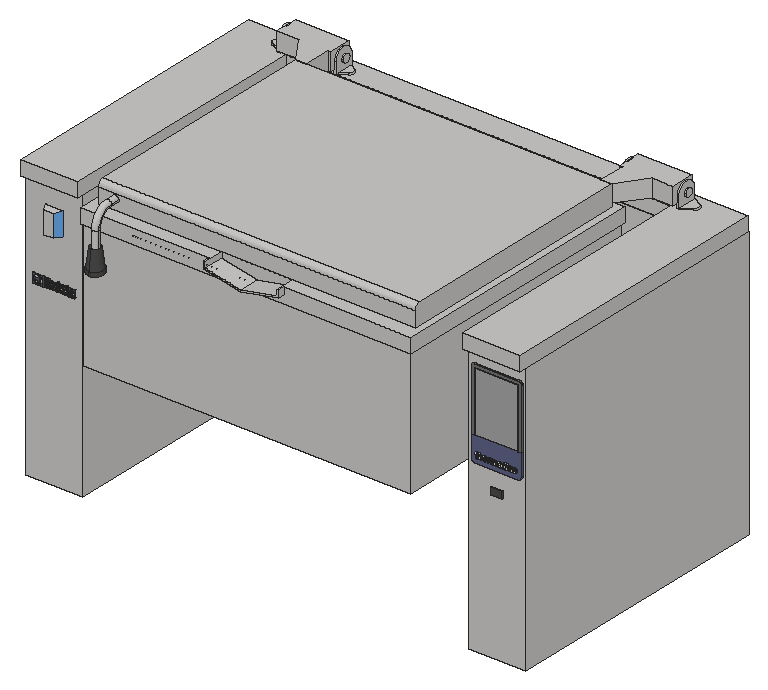
Revit family "QF_ELECTROLUXPROFESSIONAL_586279_PFET08EEEO", category Attrezzature speciali, Revit 2020 (continued)
Definition of nested family "QF_ELECTROLUXPROFESSIONAL_PBOT800H760_LEFT"
  Automatic sketch dimensions
    Extrusion 4 sketch curve to plane 3 "Center (Left/Right)" = 2.704 mm
    Extrusion 4 sketch curve to Extrusion 4 sketch curve = 1.001 mm
    Extrusion 4 sketch curve to Extrusion 4 sketch curve = 1.393 mm  (x2)
    Extrusion 4 sketch curve to Extrusion 4 sketch curve = 2.363 mm
    Extrusion 4 sketch curve to Extrusion 4 sketch curve = 2.253 mm
    Extrusion 4 sketch curve to Extrusion 4 sketch curve = 0.014 mm  (x4)
    Extrusion 4 sketch curve to Extrusion 4 sketch curve = 0.172 mm
    Extrusion 4 sketch curve to Extrusion 4 sketch curve = 0.096 mm
    Extrusion 4 sketch curve to Extrusion 4 sketch curve = 0.164 mm
    Extrusion 4 sketch curve to Extrusion 4 sketch curve = 0.298 mm
    Extrusion 4 sketch curve to Extrusion 4 sketch curve = 0.247 mm
    Extrusion 4 sketch curve to Extrusion 4 sketch curve = 0.084 mm
    Extrusion 4 sketch curve to Extrusion 4 sketch curve = 6.484 mm
    Extrusion 4 sketch curve to Extrusion 4 sketch curve = 2.596 mm
    Extrusion 4 sketch curve to Extrusion 4 sketch curve = 0.059 mm  (x2)
    Extrusion 4 sketch curve to Extrusion 4 sketch curve = 3.889 mm
    Extrusion 4 sketch curve to Extrusion 4 sketch curve = 6.029 mm
    Extrusion 4 sketch curve to Extrusion 4 sketch curve = 0.929 mm
    Extrusion 4 sketch curve to Extrusion 4 sketch curve = 1.102 mm
    Extrusion 4 sketch curve to Extrusion 4 sketch curve = 0.756 mm  (x2)
    Extrusion 4 sketch curve to Extrusion 4 sketch curve = 0.852 mm
    Extrusion 4 sketch curve to Extrusion 4 sketch curve = 0.108 mm
    Extrusion 4 sketch curve to Extrusion 4 sketch curve = 0.101 mm
    Extrusion 4 sketch curve to Extrusion 4 sketch curve = 0.072 mm
    Extrusion 4 sketch curve to Extrusion 4 sketch curve = 1.67 mm
    Extrusion 4 sketch curve to Extrusion 4 sketch curve = 1.834 mm
    Extrusion 4 sketch curve to Extrusion 4 sketch curve = 0.366 mm
    Extrusion 4 sketch curve to Extrusion 4 sketch curve = 0.993 mm
    Extrusion 4 sketch curve to Extrusion 4 sketch curve = 0.81 mm
    Extrusion 4 sketch curve to Extrusion 4 sketch curve = 1.026 mm  (x2)
    Extrusion 4 sketch curve to Extrusion 4 sketch curve = 4.272 mm
    Extrusion 4 sketch curve to Extrusion 4 sketch curve = 0.163 mm
    Extrusion 4 sketch curve to Extrusion 4 sketch curve = 0.551 mm
    plane 14 to Extrusion 4 sketch curve = 6.023 mm
    Extrusion 4 sketch curve to Extrusion 4 sketch curve = 1.451 mm
    plane 14 to Extrusion 4 sketch curve = 5.28 mm
    Extrusion 4 sketch curve to Extrusion 4 sketch curve = 0.045 mm  (x2)
    Extrusion 4 sketch curve to Extrusion 4 sketch curve = 0.241 mm
    Extrusion 4 sketch curve to Extrusion 4 sketch curve = 0.039 mm
    Extrusion 4 sketch curve to Extrusion 4 sketch curve = 1.134 mm
    Extrusion 4 sketch curve to Extrusion 4 sketch curve = 2.351 mm
    Extrusion 4 sketch curve to plane 14 = 0.874 mm
    Extrusion 4 sketch curve to Extrusion 4 sketch curve = 10.128 mm
    Extrusion 4 sketch curve to Extrusion 4 sketch curve = 0.956 mm
    Extrusion 4 sketch curve to Extrusion 4 sketch curve = 1.263 mm
    Extrusion 4 sketch curve to Extrusion 4 sketch curve = 2.577 mm
    Extrusion 4 sketch curve to Extrusion 4 sketch curve = 0.243 mm
    Extrusion 4 sketch curve to Extrusion 4 sketch curve = 0.031 mm
    Extrusion 4 sketch curve to Extrusion 4 sketch curve = 7.148 mm
    Extrusion 4 sketch curve to Extrusion 4 sketch curve = 1.502 mm
    Extrusion 4 sketch curve to Extrusion 4 sketch curve = 11.54 mm
    Extrusion 4 sketch curve to Extrusion 4 sketch curve = 11.758 mm
    Extrusion 4 sketch curve to Extrusion 4 sketch curve = 4.097 mm
    Extrusion 4 sketch curve to Extrusion 4 sketch curve = 0.011 mm
    Extrusion 4 sketch curve to Extrusion 4 sketch curve = 4.488 mm
    plane 17 "CHW" to Extrusion 4 sketch curve = 191.223 mm
    Extrusion 4 sketch curve to Extrusion 4 sketch curve = 3.444 mm  (x2)
    Extrusion 4 sketch curve to Extrusion 4 sketch curve = 3.777 mm
    Extrusion 4 sketch curve to Extrusion 4 sketch curve = 1.093 mm
    Extrusion 4 sketch curve to Extrusion 4 sketch curve = 1.192 mm
    Extrusion 4 sketch curve to Extrusion 4 sketch curve = 0.319 mm
    Extrusion 4 sketch curve to Extrusion 4 sketch curve = 5.798 mm
    Extrusion 4 sketch curve to Extrusion 4 sketch curve = 2.021 mm
    Extrusion 4 sketch curve to Extrusion 4 sketch curve = 2.357 mm  (x3)
    Extrusion 4 sketch curve to Extrusion 4 sketch curve = 0.892 mm  (x3)
    Extrusion 4 sketch curve to Extrusion 4 sketch curve = 1.018 mm
    Extrusion 4 sketch curve to Extrusion 4 sketch curve = 3.382 mm  (x2)
    Extrusion 4 sketch curve to Extrusion 4 sketch curve = 2.117 mm
    Extrusion 4 sketch curve to Extrusion 4 sketch curve = 0.195 mm  (x2)
    Extrusion 4 sketch curve to Extrusion 4 sketch curve = 0.295 mm  (x2)
    Extrusion 4 sketch curve to Extrusion 4 sketch curve = 0.618 mm
    Extrusion 4 sketch curve to Extrusion 4 sketch curve = 0.385 mm  (x2)
    Extrusion 4 sketch curve to Extrusion 4 sketch curve = 1.626 mm  (x2)
    Extrusion 4 sketch curve to Extrusion 4 sketch curve = 1.65 mm
    Extrusion 4 sketch curve to Extrusion 4 sketch curve = 1.662 mm
    Extrusion 4 sketch curve to Extrusion 4 sketch curve = 0.013 mm  (x2)
    Extrusion 4 sketch curve to Extrusion 4 sketch curve = 0.292 mm
    Extrusion 4 sketch curve to Extrusion 4 sketch curve = 0.107 mm  (x2)
    Extrusion 4 sketch curve to Extrusion 4 sketch curve = 0.068 mm  (x2)
    Extrusion 4 sketch curve to Extrusion 4 sketch curve = 0.968 mm
    Extrusion 4 sketch curve to Extrusion 4 sketch curve = 0.365 mm
    Extrusion 4 sketch curve to Extrusion 4 sketch curve = 2.361 mm
    Extrusion 4 sketch curve to Extrusion 4 sketch curve = 2.359 mm
    Extrusion 4 sketch curve to Extrusion 4 sketch curve = 0.531 mm  (x2)
    Extrusion 4 sketch curve to Extrusion 4 sketch curve = 0.928 mm  (x2)
    Extrusion 4 sketch curve to Extrusion 4 sketch curve = 1.058 mm
    Extrusion 4 sketch curve to Extrusion 4 sketch curve = 0.297 mm  (x2)
    Extrusion 4 sketch curve to Extrusion 4 sketch curve = 0.155 mm  (x2)
    Extrusion 4 sketch curve to Extrusion 4 sketch curve = 1.305 mm
    Extrusion 4 sketch curve to Extrusion 4 sketch curve = 1.037 mm
    Extrusion 4 sketch curve to Extrusion 4 sketch curve = 0.182 mm  (x2)
    Extrusion 4 sketch curve to Extrusion 4 sketch curve = 0.607 mm  (x2)
    Extrusion 4 sketch curve to Extrusion 4 sketch curve = 0.304 mm  (x2)
    Extrusion 4 sketch curve to Extrusion 4 sketch curve = 0.372 mm  (x2)
    Extrusion 4 sketch curve to Extrusion 4 sketch curve = 0.016 mm  (x2)
    Extrusion 4 sketch curve to Extrusion 4 sketch curve = 0.996 mm
    Extrusion 4 sketch curve to Extrusion 4 sketch curve = 0.93 mm
    Extrusion 4 sketch curve to Extrusion 4 sketch curve = 0.709 mm  (x2)
    Extrusion 4 sketch curve to Extrusion 4 sketch curve = 1.752 mm
    Extrusion 4 sketch curve to Extrusion 4 sketch curve = 1.017 mm
    Extrusion 4 sketch curve to Extrusion 4 sketch curve = 4.718 mm
    Extrusion 4 sketch curve to Extrusion 4 sketch curve = 0.891 mm
    Extrusion 4 sketch curve to Extrusion 4 sketch curve = 3.826 mm
    Extrusion 4 sketch curve to Extrusion 4 sketch curve = 1.696 mm
    Extrusion 4 sketch curve to Extrusion 4 sketch curve = 0.954 mm
    Extrusion 4 sketch curve to Extrusion 4 sketch curve = 5.576 mm
    Extrusion 4 sketch curve to Extrusion 4 sketch curve = 5.657 mm  (x2)
    Extrusion 4 sketch curve to Extrusion 4 sketch curve = 5.661 mm  (x2)
    Extrusion 4 sketch curve to Extrusion 4 sketch curve = 0.006 mm
    Extrusion 4 sketch curve to Extrusion 4 sketch curve = 1.499 mm
    Extrusion 4 sketch curve to Extrusion 4 sketch curve = 7.186 mm
    Extrusion 4 sketch curve to Extrusion 4 sketch curve = 2.203 mm
    Extrusion 4 sketch curve to Extrusion 4 sketch curve = 2.21 mm
    Extrusion 4 sketch curve to Extrusion 4 sketch curve = 1.607 mm
    Extrusion 4 sketch curve to Extrusion 4 sketch curve = 3.479 mm
    Extrusion 4 sketch curve to Extrusion 4 sketch curve = 3.92 mm
    Extrusion 4 sketch curve to Extrusion 4 sketch curve = 0.05 mm
    Extrusion 4 sketch curve to Extrusion 4 sketch curve = 1.776 mm
    Extrusion 4 sketch curve to Extrusion 4 sketch curve = 4.017 mm
    Extrusion 4 sketch curve to Extrusion 4 sketch curve = 0.196 mm  (x2)
    Extrusion 4 sketch curve to Extrusion 4 sketch curve = 0.19 mm
    Extrusion 4 sketch curve to Extrusion 4 sketch curve = 1.312 mm
    Extrusion 4 sketch curve to Extrusion 4 sketch curve = 0.146 mm
    Extrusion 4 sketch curve to Extrusion 4 sketch curve = 2.831 mm
    Extrusion 4 sketch curve to Extrusion 4 sketch curve = 0.387 mm
    Extrusion 4 sketch curve to Extrusion 4 sketch curve = 0.174 mm
    Extrusion 4 sketch curve to Extrusion 4 sketch curve = 4.623 mm
    Extrusion 4 sketch curve to Extrusion 4 sketch curve = 1.754 mm
    Extrusion 4 sketch curve to Extrusion 4 sketch curve = 0.188 mm
    Extrusion 4 sketch curve to Extrusion 4 sketch curve = 0.02 mm
    Extrusion 4 sketch curve to Extrusion 4 sketch curve = 0.313 mm
    Extrusion 4 sketch curve to Extrusion 4 sketch curve = 0.12 mm
    Extrusion 4 sketch curve to Extrusion 4 sketch curve = 0.062 mm
    Extrusion 4 sketch curve to Extrusion 4 sketch curve = 0.568 mm
    Extrusion 4 sketch curve to Extrusion 4 sketch curve = 1.763 mm
    Extrusion 4 sketch curve to Extrusion 4 sketch curve = 0.095 mm
    Extrusion 4 sketch curve to Extrusion 4 sketch curve = 1.817 mm
    Extrusion 4 sketch curve to Extrusion 4 sketch curve = 0.357 mm
    Extrusion 4 sketch curve to Extrusion 4 sketch curve = 0.008 mm
    Extrusion 4 sketch curve to Extrusion 4 sketch curve = 0.36 mm
    Extrusion 4 sketch curve to Extrusion 4 sketch curve = 3.784 mm
    Extrusion 4 sketch curve to Extrusion 4 sketch curve = 1.654 mm
    Extrusion 4 sketch curve to Extrusion 4 sketch curve = 1.454 mm
    Extrusion 4 sketch curve to Extrusion 4 sketch curve = 1.705 mm
    Extrusion 4 sketch curve to Extrusion 4 sketch curve = 1.893 mm
    Extrusion 4 sketch curve to Extrusion 4 sketch curve = 3.429 mm
    Extrusion 4 sketch curve to Extrusion 4 sketch curve = 1.094 mm
    Extrusion 4 sketch curve to Extrusion 4 sketch curve = 2.218 mm
    Extrusion 4 sketch curve to Extrusion 4 sketch curve = 1.404 mm
    Extrusion 4 sketch curve to Extrusion 4 sketch curve = 5.763 mm
    Extrusion 4 sketch curve to Extrusion 4 sketch curve = 2.932 mm  (x2)
    Extrusion 4 sketch curve to Extrusion 4 sketch curve = 5.959 mm
    Extrusion 4 sketch curve to Extrusion 4 sketch curve = 1.424 mm
    Extrusion 4 sketch curve to Extrusion 4 sketch curve = 3.23 mm
    Extrusion 4 sketch curve to Extrusion 4 sketch curve = 1.975 mm
    Extrusion 4 sketch curve to Extrusion 4 sketch curve = 3.779 mm
    Extrusion 4 sketch curve to Extrusion 4 sketch curve = 2.212 mm
    Extrusion 4 sketch curve to Extrusion 4 sketch curve = 3.78 mm
    Extrusion 4 sketch curve to Extrusion 4 sketch curve = 1.279 mm
    Extrusion 4 sketch curve to Extrusion 4 sketch curve = 1.343 mm  (x2)
    Extrusion 4 sketch curve to Extrusion 4 sketch curve = 1.353 mm  (x2)
    Extrusion 4 sketch curve to Extrusion 4 sketch curve = 0.027 mm  (x2)
    Extrusion 4 sketch curve to Extrusion 4 sketch curve = 0.395 mm  (x2)
    Extrusion 4 sketch curve to Extrusion 4 sketch curve = 0.329 mm  (x2)
    Extrusion 4 sketch curve to Extrusion 4 sketch curve = 0.425 mm  (x2)
    Extrusion 4 sketch curve to Extrusion 4 sketch curve = 0.051 mm  (x2)
    Extrusion 4 sketch curve to Extrusion 4 sketch curve = 0.495 mm  (x2)
    Extrusion 4 sketch curve to Extrusion 4 sketch curve = 0.267 mm  (x2)
    Extrusion 4 sketch curve to Extrusion 4 sketch curve = 1.4 mm
    Extrusion 4 sketch curve to Extrusion 4 sketch curve = 5.233 mm
    Extrusion 4 sketch curve to Extrusion 4 sketch curve = 2.062 mm
    Extrusion 5 sketch curve to plane 13 "HW_CW" = 0.0 mm  (x2)
    Extrusion 5 sketch curve to plane 15 = 0.0 mm
    Extrusion 5 sketch curve to plane 14 = 0.0 mm
    Extrusion 6 sketch curve to plane 3 "Center (Left/Right)" = 0.0 mm
    Extrusion 6 sketch curve to plane 16 "SteamO" = 0.0 mm
    radius of Extrusion 2 sketch curve = 6.35 mm  (x2)
    radius of Extrusion 4 sketch curve = 2.453 mm
    radius of Extrusion 4 sketch curve = 1.557 mm
    radius of Extrusion 4 sketch curve = 1.468 mm
    radius of Extrusion 4 sketch curve = 2.451 mm
    radius of Extrusion 5 sketch curve = 5.0 mm  (x2)
    radius of Extrusion 6 sketch curve = 12.7 mm
Definition of nested family "QF_ELECTROLUXPROFESSIONAL_PBOT800H760_RIGHT"
  Parameters
    Width = 160.0 mm
    Right = Width / 2  # 80.0 mm
    Default Elevation = 0.0 mm
    Left = -Width / 2  # -80.0 mm
    Htop = 40.0 mm
    Height = 900.0 mm
    HBase = 100.0 mm
    EI_z = 350.0 mm
    EI_y = 315.0 mm
    Depth = 800.0 mm
    BorderFront = 20.0 mm
    Body Finish [instance] = none
  Reference planes
    plane 1 "Center (Front/Back)": y = 0
    plane 2: z = 0
    plane 3 "Center (Left/Right)": x = 0
    plane 4 "LEFT": x = -80
    plane 5 "RIGHT": x = 80
    plane 6 "BACK": y = 400
    plane 7 "FRONT": y = -400
    plane 8 "Base": z = 100
    plane 9 "TOP": z = 900
    plane 10 "BorderFront": y = -380
    plane 11: z = 860
    plane 12 "EI": z = 450
    plane 13: y = 85
    plane 14 "STEAM_y": y = 161
  Forms (mm)
    Extrusion 1, solid
      sketch origin (0, 0, 0) x (1, 0, 0) y (0, 1, 0)
        loop
          line (-80, 400) -> (-80, -380) -> (80, -380) -> (80, 400) -> (-80, 400)
      from 860 to 100
    Extrusion 2, solid
      sketch origin (0, -380, 0) x (-1, 0, 0) y (0, 0, 1)
        loop
          line (59.714, 823.989) -> (-61.821, 823.989)
          arc (-61.821, 823.989) -> (-68.892, 821.06) -> (-71.821, 813.989) r 10
          line (-71.821, 813.989) -> (-71.821, 644.744) -> (-61.821, 644.744) -> (-61.821, 813.989) -> (59.714, 813.989) -> (59.714, 644.744) -> (69.714, 644.744) -> (69.714, 813.989)
          arc (69.714, 813.989) -> (66.786, 821.06) -> (59.714, 823.989) r 10
      from 0 to -3
    Extrusion 3, solid
      sketch origin (0, -380, 0) x (-1, 0, 0) y (0, 0, 1)
        loop
          line (69.714, 585) -> (69.714, 644.744) -> (-71.821, 644.744) -> (-71.821, 585)
          arc (-71.821, 585) -> (-68.892, 577.929) -> (-61.821, 575) r 10
          line (-61.821, 575) -> (59.714, 575)
          arc (59.714, 575) -> (66.786, 577.929) -> (69.714, 585) r 10
      from -3 to 0
    Extrusion 4, solid
      sketch origin (234.714, -380, 0) x (-1, 0, 0) y (0, 0, 1)
        loop
          line (294.429, 813.989) -> (172.894, 813.989) -> (172.894, 644.744) -> (294.429, 644.744) -> (294.429, 813.989)
      from 0 to -3
    Extrusion 5, solid
      sketch origin (0, -380, 0) x (-1, 0, 0) y (0, 0, 1)
        loop
          line (15, 530) -> (-15, 530) -> (-15, 510) -> (15, 510) -> (15, 530)
      from -1.6 to 0
    Extrusion 6, solid
      sketch origin (0, 400, 0) x (-1, 0, 0) y (0, 0, 1)
        loop
          circle (0, 450) r 5
      from 0 to 2
    Extrusion 7, solid
      sketch origin (0, 0, 100) x (0, 1, 0) y (-1, 0, 0)
        loop
          circle (85, 0) r 10
      from 0 to -3
    Extrusion 8, solid
      sketch origin (0, 0, 100) x (0, 1, 0) y (-1, 0, 0)
        loop
          circle (161, 0) r 12.7
      from 0 to -3
  Lines and regions (mm)
    symbolic lines
      curve 1: line (-80, 400, 0) -> (80, 400, 0)
      curve 2: line (80, 400, 0) -> (80, -380, 0)
  Dimensions and locks
    "Width": plane 4 "LEFT" to plane 5 "RIGHT"
    equal spacing: plane 4 "LEFT", plane 3 "Center (Left/Right)", plane 5 "RIGHT"
    equal spacing: plane 6 "BACK", plane 1 "Center (Front/Back)", plane 7 "FRONT"
    "Depth": plane 6 "BACK" to plane 7 "FRONT"
    "BorderFront": plane 10 "BorderFront" to plane 7 "FRONT"
    "Htop": plane 9 "TOP" to plane 11
    "Height": plane 9 "TOP" to level
    "HBase": plane 8 "Base" to level
    "EI_y": plane 6 "BACK" to plane 13
    "EI_z": plane 12 "EI" to plane 8 "Base"
    plane 6 "BACK" to plane 14 "STEAM_y" = 239.0 mm
    aligned and locked: level to plane 2
    aligned and locked: plane 10 "BorderFront" to Extrusion 1 sketch curve
    aligned and locked: plane 11 to Extrusion 1
    aligned and locked: Extrusion 1 to plane 8 "Base"
    aligned and locked: plane 4 "LEFT" to Extrusion 1 sketch curve
    aligned and locked: Extrusion 1 sketch curve to plane 5 "RIGHT"
    aligned and locked: Extrusion 1 sketch curve to plane 6 "BACK"
  Automatic sketch dimensions
    Extrusion 2 sketch curve to plane 5 "RIGHT" = 8.179 mm
    Extrusion 2 sketch curve to Extrusion 2 sketch curve = 10.0 mm  (x2)
    Extrusion 2 sketch curve to Extrusion 2 sketch curve = 0.0 mm  (x4)
    plane 4 "LEFT" to Extrusion 2 sketch curve = 20.286 mm
    Extrusion 2 sketch curve to plane 11 = 215.256 mm
    Extrusion 2 sketch curve to plane 11 = 46.011 mm
    Extrusion 3 sketch curve to plane 5 "RIGHT" = 8.179 mm
    plane 4 "LEFT" to Extrusion 3 sketch curve = 20.286 mm
    plane 4 "LEFT" to Extrusion 3 sketch curve = 10.286 mm
    Extrusion 3 sketch curve to plane 11 = 285.0 mm
    Extrusion 3 sketch curve to Extrusion 3 sketch curve = 59.744 mm
    Extrusion 3 sketch curve to Extrusion 3 sketch curve = 10.0 mm
    plane 4 "LEFT" to Extrusion 4 sketch curve = 20.286 mm
    Extrusion 4 sketch curve to plane 11 = 46.011 mm
    Extrusion 4 sketch curve to plane 5 "RIGHT" = 18.179 mm
    Extrusion 4 sketch curve to Extrusion 4 sketch curve = 169.244 mm
    Extrusion 6 sketch curve to plane 3 "Center (Left/Right)" = 0.0 mm
    Extrusion 6 sketch curve to plane 12 "EI" = 0.0 mm
    curve 1 to plane 4 "LEFT" = 0.0 mm
    curve 1 to plane 5 "RIGHT" = 0.0 mm
    curve 2 to plane 10 "BorderFront" = 0.0 mm
    curve 1 to plane 6 "BACK" = 0.0 mm
    plane 3 "Center (Left/Right)" to Extrusion 5 sketch curve = 15.0 mm
    Extrusion 5 sketch curve to plane 3 "Center (Left/Right)" = 15.0 mm
    plane 12 "EI" to Extrusion 5 sketch curve = 60.0 mm
    Extrusion 5 sketch curve to Extrusion 5 sketch curve = 20.0 mm
    Extrusion 7 sketch curve to plane 3 "Center (Left/Right)" = 0.0 mm
    Extrusion 7 sketch curve to plane 13 = 0.0 mm
    Extrusion 8 sketch curve to plane 3 "Center (Left/Right)" = 0.0 mm
    Extrusion 8 sketch curve to plane 14 "STEAM_y" = 0.0 mm
    radius of Extrusion 6 sketch curve = 5.0 mm
    radius of Extrusion 7 sketch curve = 10.0 mm
    radius of Extrusion 8 sketch curve = 12.7 mm
  Nested families
    nested 1: "ELX_ThermaLine" at (-0.906, -383, 593.675) x (1, 0, 0) z (0, -1, 0), type "ELX_ThermaLine"
      with Show Logo yes, Material_Logo none
  Definition of nested family "ELX_ThermaLine"
    Parameters
      Show Logo [instance] = yes
      Material_Logo [instance] = none
      Default Elevation = 0.0 mm
    Reference planes
      plane 1 "Centro (Fronte/Retro)": y = 0
      plane 2: z = 0
      plane 3 "Centro (Sinistra/Destra)": x = 0
    Forms (mm)
      Extrusion 1, solid
        sketch origin (0, 0, 0) x (1, 0, 0) y (0, 1, 0)
          loop
            line (-1219.2, 1219.2) -> (-1219.2, -1219.2) -> (1219.2, -1219.2) -> (1219.2, 1219.2) -> (-1219.2, 1219.2)
        from 0 to -304.8
      Extrusion 2, solid
        sketch origin (0, 0, 0) x (1, 0, 0) y (0, 1, 0)
          loop
            line (-52.84, 4.345) -> (-50.793, 4.345) -> (-50.793, 6.716) -> (-52.84, 6.716) -> (-52.84, 10.788) -> (-55.901, 9.058) -> (-55.901, 6.716) -> (-57.324, 6.716) -> (-57.324, 4.345) -> (-55.901, 4.345) -> (-55.901, -1.637)
            arc (-55.901, -1.637) -> (-54.76, -4.355) -> (-51.88, -4.985) r 3.198
            line (-51.88, -4.985) -> (-50.444, -4.597) -> (-50.782, -2.189) -> (-51.765, -2.453)
            arc (-51.765, -2.453) -> (-52.506, -2.305) -> (-52.84, -1.628) r 0.854
            line (-52.84, -1.628) -> (-52.84, 4.345)
          loop
            line (-48.642, 11.198) -> (-48.642, -4.787) -> (-45.561, -4.787) -> (-45.561, 2.659)
            arc (-45.561, 2.659) -> (-44.379, 4.372) -> (-42.304, 4.523) r 2.408
            arc (-42.304, 4.523) -> (-41.484, 3.75) -> (-41.182, 2.665) r 2.099
            line (-41.182, 2.665) -> (-41.182, -4.787) -> (-38.117, -4.787) -> (-38.088, 2.166)
            arc (-38.088, 2.166) -> (-38.343, 3.963) -> (-39.021, 5.646) r 7.517
            arc (-39.021, 5.646) -> (-42.369, 6.971) -> (-45.561, 5.303) r 4.327
            line (-45.561, 5.303) -> (-45.561, 11.198) -> (-48.642, 11.198)
          loop
            arc (-28.196, 1.988) -> (-28.834, 3.893) -> (-30.683, 4.679) r 2.449
            arc (-30.683, 4.679) -> (-32.149, 3.674) -> (-32.711, 1.988) r 2.793
            line (-32.711, 1.988) -> (-28.196, 1.988)
          loop
            arc (-25.128, 0.121) -> (-26.074, 4.342) -> (-29.545, 6.923) r 6.212
            arc (-29.545, 6.923) -> (-33.021, 6.358) -> (-35.352, 3.718) r 5.232
            arc (-35.352, 3.718) -> (-35.918, 1.148) -> (-35.633, -1.468) r 8.117
            arc (-35.633, -1.468) -> (-34.524, -3.319) -> (-32.789, -4.603) r 5.523
            arc (-32.789, -4.603) -> (-28.402, -4.744) -> (-25.297, -1.641) r 5.523
            line (-25.297, -1.641) -> (-28.327, -1.106)
            arc (-28.327, -1.106) -> (-29.324, -2.396) -> (-30.951, -2.501) r 1.982
            arc (-30.951, -2.501) -> (-32.276, -1.475) -> (-32.789, 0.121) r 2.835
            line (-32.789, 0.121) -> (-25.128, 0.121)
          loop
            line (-22.733, -4.787) -> (-19.705, -4.787) -> (-19.705, 0)
            arc (-19.705, 0) -> (-19.663, 1.267) -> (-19.469, 2.521) r 10.557
            arc (-19.469, 2.521) -> (-18.189, 4.014) -> (-16.237, 3.761) r 2.069
            line (-16.237, 3.761) -> (-15.318, 6.433)
            arc (-15.318, 6.433) -> (-17.915, 6.783) -> (-19.931, 5.11) r 3.262
            line (-19.931, 5.11) -> (-19.931, 6.752) -> (-22.733, 6.752) -> (-22.733, -4.787)
          loop
            line (-14.233, 6.752) -> (-14.233, -4.787) -> (-11.135, -4.787) -> (-11.135, 1.783)
            arc (-11.135, 1.783) -> (-10.552, 3.635) -> (-8.862, 4.59) r 2.646
            arc (-8.862, 4.59) -> (-7.677, 3.931) -> (-7.234, 2.65) r 1.899
            line (-7.234, 2.65) -> (-7.234, -4.787) -> (-4.155, -4.787) -> (-4.155, 1.467)
            arc (-4.155, 1.467) -> (-3.845, 2.923) -> (-2.97, 4.128) r 3.581
            arc (-2.97, 4.128) -> (-1.581, 4.474) -> (-0.516, 3.516) r 1.525
            arc (-0.516, 3.516) -> (-0.324, 2.735) -> (-0.304, 1.931) r 3.735
            line (-0.304, 1.931) -> (-0.304, -4.787) -> (2.776, -4.787) -> (2.776, 3.096)
            arc (2.776, 3.096) -> (1.833, 5.68) -> (-0.612, 6.942) r 3.784
            arc (-0.612, 6.942) -> (-2.795, 6.596) -> (-4.513, 5.205) r 4.271
            arc (-4.513, 5.205) -> (-5.893, 6.457) -> (-7.686, 6.964) r 4.079
            arc (-7.686, 6.964) -> (-9.75, 6.555) -> (-11.39, 5.237) r 4.412
            line (-11.39, 5.237) -> (-11.39, 6.752) -> (-14.233, 6.752)
          loop
            line (5.334, 3.712) -> (8.069, 3.23)
            arc (8.069, 3.23) -> (10.312, 4.685) -> (12.137, 2.73) r 2.082
            line (12.137, 2.73) -> (8.171, 1.741)
            arc (8.171, 1.741) -> (6.593, 1.022) -> (5.378, -0.215) r 4.758
            arc (5.378, -0.215) -> (5.225, -1.991) -> (5.744, -3.697) r 4.711
            arc (5.744, -3.697) -> (7.301, -4.682) -> (9.118, -4.992) r 4.691
            arc (9.118, -4.992) -> (10.903, -4.593) -> (12.411, -3.558) r 4.818
            line (12.411, -3.558) -> (12.81, -4.787) -> (15.873, -4.787) -> (15.179, -2.652) -> (15.179, 3.25)
            arc (15.179, 3.25) -> (14.773, 5.146) -> (13.38, 6.496) r 3.336
            arc (13.38, 6.496) -> (10.765, 7.201) -> (8.091, 6.773) r 6.459
            arc (8.091, 6.773) -> (6.348, 5.57) -> (5.334, 3.712) r 4.569
          loop
            line (21.001, -4.787) -> (24.24, -4.787) -> (27.623, 11.127) -> (24.384, 11.127) -> (21.001, -4.787)
          loop
            line (27.273, -4.787) -> (30.332, -4.787) -> (32.777, 6.716) -> (29.718, 6.716) -> (27.273, -4.787)
          loop
            line (30.656, 11.127) -> (30.058, 8.314) -> (33.117, 8.314) -> (33.715, 11.127) -> (30.656, 11.127)
          loop
            line (33.431, -4.787) -> (36.649, -4.787) -> (38.261, 2.796)
            arc (38.261, 2.796) -> (39.644, 4.445) -> (41.791, 4.594) r 2.751
            arc (41.791, 4.594) -> (42.425, 3.729) -> (42.502, 2.659) r 1.936
            line (42.502, 2.659) -> (40.919, -4.787) -> (43.989, -4.787) -> (45.795, 3.712)
            arc (45.795, 3.712) -> (45.588, 5.458) -> (44.361, 6.716) r 2.734
            arc (44.361, 6.716) -> (41.222, 6.857) -> (38.516, 5.259) r 5.512
            line (38.516, 5.259) -> (38.826, 6.716) -> (35.876, 6.716) -> (33.431, -4.787)
          loop
            line (50.773, 1.934) -> (55.672, 1.934)
            arc (55.672, 1.934) -> (55.737, 2.919) -> (55.334, 3.821) r 2.051
            arc (55.334, 3.821) -> (53.773, 4.722) -> (52.024, 4.287) r 2.407
            arc (52.024, 4.287) -> (51.223, 3.203) -> (50.773, 1.934) r 4.566
          loop
            line (50.479, 0) -> (58.259, 0)
            arc (58.259, 0) -> (58.241, 3.53) -> (56.181, 6.396) r 5.8
            arc (56.181, 6.396) -> (52.577, 6.992) -> (49.395, 5.199) r 5.498
            arc (49.395, 5.199) -> (47.819, 2.372) -> (47.536, -0.853) r 7.747
            arc (47.536, -0.853) -> (48.406, -3.006) -> (50.236, -4.437) r 4.494
            arc (50.236, -4.437) -> (52.672, -4.934) -> (55.109, -4.437) r 6.224
            arc (55.109, -4.437) -> (56.76, -3.346) -> (57.916, -1.739) r 5.478
            line (57.916, -1.739) -> (55.129, -1.247)
            arc (55.129, -1.247) -> (53.897, -2.495) -> (52.149, -2.637) r 2.52
            arc (52.149, -2.637) -> (50.809, -1.638) -> (50.479, 0) r 2.336
          loop
            line (12.154, 0.755) -> (8.732, -0.098)
            arc (8.732, -0.098) -> (8.126, -1.288) -> (8.732, -2.478) r 1.471
            arc (8.732, -2.478) -> (10.437, -2.725) -> (11.827, -1.706) r 2.276
            arc (11.827, -1.706) -> (12.142, -0.496) -> (12.154, 0.755) r 5.123
        from 0 to 1.6
    Dimensions and locks
      aligned and locked: plane 2 to Extrusion 1
      aligned and locked: level to Extrusion 1
Definition of nested family "QF_ELECTROLUXPROFESSIONAL_PFET900_LEVEL2"
  Parameters
    Default Elevation = 0.0 mm
    Assembly Code = ""
  Reference planes
    plane 1 "Center (Front/Back)": y = 0
    plane 2: z = 0
    plane 3 "Center (Left/Right)": x = 0
  Forms (mm)
    Sweep 1, solid
      path origin (0, 45, 0) x (0, 1, 0) y (0, 0, 1)
        loop
          line (-45, 0) -> (-70, 0)
          arc (-70, 0) -> (-101.82, -13.18) -> (-115, -45) r 45
          line (-115, -45) -> (-115, -90)
      profile origin (0, -12.5, 0) x (0, 0, -1) y (1, 0, 0)
        loop
          circle (0, 0) r 9
    Revolve 2, solid
      sketch origin (0, 45, 0) x (0, 1, 0) y (0, 0, 1)
        loop
          line (-115, -90) -> (-115, -152.379) -> (-92.246, -152.379) -> (-92.246, -142.379) -> (-94.495, -142.379) -> (-100, -90) -> (-115, -90)
        axis (-115, -90) -> (-115, -152.379)
      angle from 0 to 360
  Lines and regions (mm)
    symbolic lines
      curve 1: line (9, 0, 0) -> (9, -94.102, 0)
      curve 2: line (-9, 0, 0) -> (-9, -94.102, 0)
      curve 3: circle (0, -115, 0) r 22.754 normal (0, 0, 1)
  Dimensions and locks
    aligned and locked: level to plane 2
